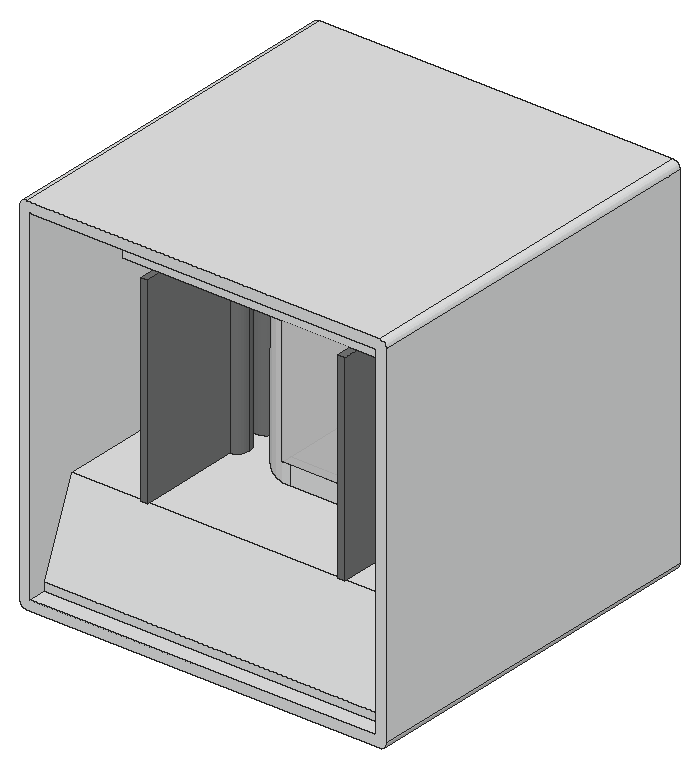
Revit family "0047911 Sylvania Lighting Fixture ST eco Surface Wall Adj Up & Dwn IP54 290lm 830 WH", category Lighting Fixtures, host Face, Revit 2016
Family settings
  Host = Face
  Part Type = Normal
  Round Connector Dimension = Use Diameter
  OmniClass Number = 23.80.70.11.17
  OmniClass Title = Specialized Lighting by Location or Use
  Cut with Voids When Loaded = No
  Light Source = Yes
  Shared = No
  Room Calculation Point = No
Parameters (values of type "0047911 ST eco Surface Wall Adj Up & Dwn IP54 290lm 830 WH")
  Width = 108.0 mm
  UpRightSegmentAngleReal [instance] = if(UpRightSegmentAngle > 35.00°, 35.00°, if(UpRightSegmentAngle < -55.00°, -55.00°, UpRightSegmentAngle))  # 0.00°
  UpRightSegmentAngle [instance] = 0.00°
  UpLeftSegmentAngleReal [instance] = if(UpLeftSegmentAngle > 35.00°, 35.00°, if(UpLeftSegmentAngle < -55.00°, -55.00°, UpLeftSegmentAngle))  # 0.00°
  UpLeftSegmentAngle [instance] = 0.00°
  Segment Material = Aluminum_Sylvania_Velite_Black
  Rotateable Segment Width = Width / 2 - 20.0 mm  # 34.0 mm
  Rotateable Segment Height = Height - 49.0 mm  # 59.0 mm
  Length = Width  # 108.0 mm
  Weight = 0.787 kg
  Wattage = 5 W
  built-in parameter 1150110 = 1 (stored number, unit not read)
  Voltage Comments = "UNV (Universal Voltage; 230-240 Volt)"  # constant formula
  Voltage = 240 V  # constant formula
  URL = "http://www.sylvania-lighting.com/product/en-int/products/0047911"
  built-in parameter 1114217 = 1 (stored number, unit not read)
  Tilt Angle = 0.00°
  built-in parameter 1150109 = 1 (stored number, unit not read)
  built-in parameter 1150134 = (empty or 0)
  Ta Rating = "-20°C to +45°C"  # constant formula
  built-in parameter 1150113 = 1 (stored number, unit not read)
  Product Page URL = "http://www.sylvania-lighting.com/product/en-int/products/0047911"
  Product Family = ""
  Photometry Comments = ""
  Photometric Web File = "0047911 ST eco Surface Wall Adj Up & Dwn IP54 290lm 830 WH.ies"
  built-in parameter 1150105 = 137.94 (stored number, unit not read)
  Lumens = 290 lm
  built-in parameter 1150115 = 1 (stored number, unit not read)
  built-in parameter 1150137 = (empty or 0)
  built-in parameter 1150139 = (empty or 0)
  Life = "25 000h"  # constant formula
  built-in parameter 1150112 = 1 (stored number, unit not read)
  built-in parameter 1150114 = 1 (stored number, unit not read)
  Lamp Comments = "Integrated LED"  # constant formula
  built-in parameter 1150132 = 2
  built-in parameter 1150102 = (empty or 0)
  built-in parameter 1150107 = 3000 (stored number, unit not read)
  built-in parameter 1150138 = (empty or 0)
  built-in parameter 1150106 = 1.3794 (stored number, unit not read)
  IP Rating = "IP54"  # constant formula
  IK Rating = "IK05"  # constant formula
  Energy Class = "A++ A+ A"  # constant formula
  Electrical Protection = "CLASS I"  # constant formula
  built-in parameter 1150104 = 5.3884 (stored number, unit not read)
  Drive Current = "300mA"
  DownRightSegmentAngleReal [instance] = if(DownRightSegmentAngle > 35.00°, 35.00°, if(DownRightSegmentAngle < -55.00°, -55.00°, DownRightSegmentAngle))  # 0.00°
  DownRightSegmentAngle [instance] = 0.00°
  DownLeftSegmentAngleReal [instance] = if(DownLeftSegmentAngle > 35.00°, 35.00°, if(DownLeftSegmentAngle < -55.00°, -55.00°, DownLeftSegmentAngle))  # 0.00°
  DownLeftSegmentAngle [instance] = 0.00°
  Dimming Lamp Color Temperature Shift = <None>
  Color Filter = 16777215
  Catalog Number = "0047911 ST eco Surface Wall Adj Up & Dwn IP54 290lm 830 WH"
  Body Material = Aluminum_Sylvania_Velite_White_RAL 9016
  built-in parameter 1114218 = 1 (stored number, unit not read)
  built-in parameter 1150133 = 10 (stored number, unit not read)
  Height = Width  # 108.0 mm
  built-in parameter 1114216 [instance] = 1 (stored number, unit not read)
  Model = "ST eco Surface Wall Adj Up & Dwn IP54 290lm 830 WH"
  Manufacturer = "Feilo Sylvania"  # constant formula
  Lamp = "LED"
  Diffuser Material = Polycarbonate_Sylvania_Velite_Clear
  Description = "A range of sleek and stylish Outdoor LED luminaires.Velite is perfect for lighting courtyards, gardens and exterior entrances.Design  meets IK05 requirements.Available in various shapes, sizes and colours of die cast aluminium luminaires.Range includes bollards and various wall mounted direct and direct/indirect luminaires.High efficient thermal design: ta -20 to +45oC.High performance: delivers up to 830 lm (luminaire lumen output), and up to 71lm/W (total system efficiency).Available in warm white (3,000K).Energy class: A++, A+, A.Lifetime: 30,000 hours life at 70% of the original output L70."  # constant formula
  Default Elevation = 0.0 mm
  built-in parameter 1140040 [instance] = 1
  Assembly Code = "D5020200"
  Apparent Load Comments = ""
  Apparent Load = 5 VA
Reference planes
  plane 1 "Center (Front/Back)": y = 0
  plane 2 "Fixture Back": z = 0
  plane 3 "Center (Left/Right)": x = 0
  plane 4 "Fixture Left": x = -54
  plane 5 "Fixture Right": x = 54
  plane 6 "Fixture Top": y = 54
  plane 7 "Fixture Bottom": y = -54
  plane 8 "Fixture Front": z = 108
  plane 9: x = -51
  plane 10: x = 51
  plane 11: z = 105
  plane 12: z = 3
  plane 13 "Center Segments": z = 59.5
  plane 14: z = 5.5
  plane 15: z = 30
  plane 16: y = 49
  plane 17: y = -49
  plane 18: y = 39
  plane 19: y = -39
  plane 20: x = 39
  plane 21: x = -39
  plane 22: y = 35
  plane 23: y = -35
  plane 24: z = 92
  plane 25: z = 89
  plane 26: y = 12.5
  plane 27: y = -12.5
  plane 28: x = 20
  plane 29: x = -20
  plane 30: z = 35.5
  plane 31: z = 85
  plane 32: x = -10
  plane 33: x = 10
  plane 34: y = -9.5
  plane 35: y = 9.5
  plane 36: y = 5.5
  plane 37: y = -5.5
  plane 38: x = -29
  plane 39: x = 29
Forms (mm)
  Extrusion 1, solid, material "Aluminum_Sylvania_Velite_White_RAL 9016" <- "Body Material", detail levels fine
    sketch origin (0, 0, 0) x (1, 0, 0) y (0, 0, 1)
      loop
        line (-51, 105) -> (-51, 3) -> (51, 3) -> (51, 105) -> (-51, 105)
      loop
        line (-54, 106) -> (-54, 2)
        arc (-54, 2) -> (-53.414, 0.586) -> (-52, 0) r 2
        line (-52, 0) -> (52, 0)
        arc (52, 0) -> (53.414, 0.586) -> (54, 2) r 2
        line (54, 2) -> (54, 106)
        arc (54, 106) -> (53.414, 107.414) -> (52, 108) r 2
        line (52, 108) -> (-52, 108)
        arc (-52, 108) -> (-53.414, 107.414) -> (-54, 106) r 2
    from -54 to 54
  Extrusion 2, solid, material "Aluminum_Sylvania_Velite_White_RAL 9016" <- "Body Material", detail levels fine
    sketch origin (0, 0, 0) x (0, 1, 0) y (0, 0, 1)
      loop
        line (49, 3) -> (49, 5.5) -> (39, 30) -> (-39, 30) -> (-49, 5.5) -> (-49, 3) -> (49, 3)
    from -51 to 51
  Extrusion 3, solid, material "Aluminum_Sylvania_Velite_White_RAL 9016" <- "Body Material", detail levels fine
    sketch origin (0, 0, 0) x (1, 0, 0) y (0, 1, 0)
      loop
        line (-39, 35) -> (-39, -35) -> (39, -35) -> (39, 35) -> (-39, 35)
    from 89 to 92
  Extrusion 4, solid, material "Aluminum_Sylvania_Velite_White_RAL 9016" <- "Body Material", detail levels fine
    sketch origin (0, 0, 0) x (1, 0, 0) y (0, 1, 0)
      loop
        line (-7.5, -12.5) -> (7.5, -12.5)
        arc (7.5, -12.5) -> (16.339, -8.839) -> (20, 0) r 12.5
        arc (20, 0) -> (16.339, 8.839) -> (7.5, 12.5) r 12.5
        line (7.5, 12.5) -> (-7.5, 12.5)
        arc (-7.5, 12.5) -> (-16.339, 8.839) -> (-20, 0) r 12.5
        arc (-20, 0) -> (-16.339, -8.839) -> (-7.5, -12.5) r 12.5
    from 30 to 89
  Extrusion 5, void
    sketch origin (0, 0, 0) x (1, 0, 0) y (0, 0, 1)
      loop
        line (10, 85) -> (-10, 85) -> (-10, 35.5) -> (10, 35.5) -> (10, 85)
    from -12.5 to 12.5
  Extrusion 6, solid, material "Polycarbonate_Sylvania_Velite_Clear" <- "Diffuser Material"
    sketch origin (0, 0, 0) x (1, 0, 0) y (0, 0, 1)
      loop
        line (-10, 85) -> (-10, 35.5) -> (10, 35.5) -> (10, 85) -> (-10, 85)
    from 9.5 to 12.5
  Extrusion 7, solid, material "Polycarbonate_Sylvania_Velite_Clear" <- "Diffuser Material"
    sketch origin (0, 0, 0) x (1, 0, 0) y (0, 0, 1)
      loop
        line (10, 85) -> (-10, 85) -> (-10, 35.5) -> (10, 35.5) -> (10, 85)
    from -9.5 to -12.5
  Extrusion 8, solid, material "Aluminum_Sylvania_Velite_White_RAL 9016" <- "Body Material", detail levels coarse+medium
    sketch origin (0, 0, 0) x (1, 0, 0) y (0, 0, 1)
      loop
        line (-54, 108) -> (-54, 0) -> (54, 0) -> (54, 108) -> (-54, 108)
      loop
        line (39, 92) -> (-39, 92) -> (-39, 30) -> (39, 30) -> (39, 92)
    from -54 to 54
  Extrusion 9, solid, material "Aluminum_Sylvania_Velite_White_RAL 9016" <- "Body Material", detail levels coarse+medium
    sketch origin (0, 0, 0) x (1, 0, 0) y (0, 0, 1)
      loop
        line (-20, 92) -> (-20, 30) -> (20, 30) -> (20, 92) -> (-20, 92)
      loop
        line (-10, 85) -> (-10, 35.5) -> (10, 35.5) -> (10, 85) -> (-10, 85)
    from -12.5 to 12.5
Cuts and joins
  Extrusion 5 cuts Extrusion 4
Lines and regions (mm)
  reference lines
    curve 1: line (-29, 5.5, 59.5) -> (-29, 45.5, 59.5)
    curve 2: line (29, 5.5, 59.5) -> (29, 45.5, 59.5)
    curve 3: line (-29, -5.5, 59.5) -> (-29, -47.052, 59.5)
    curve 4: line (29, -5.5, 59.5) -> (29, -43.423, 59.5)
Dimensions and locks
  equal spacing: plane 7 "Fixture Bottom", plane 1 "Center (Front/Back)", plane 6 "Fixture Top"
  "Width": plane 6 "Fixture Top" to plane 7 "Fixture Bottom"
  equal spacing: plane 4 "Fixture Left", plane 3 "Center (Left/Right)", plane 5 "Fixture Right"
  "Length": plane 4 "Fixture Left" to plane 5 "Fixture Right"
  "Height": plane 8 "Fixture Front" to plane 2 "Fixture Back"
  plane 30 to plane 15 to plane 14 to plane 12 to plane 2 "Fixture Back" = 5.5 mm locked, 24.5 mm locked, 2.5 mm locked, 3.0 mm locked
  plane 8 "Fixture Front" to plane 11 to plane 24 to plane 25 to plane 31 = 3.0 mm locked, 13.0 mm locked, 3.0 mm locked, 4.0 mm locked
  plane 6 "Fixture Top" to plane 16 to plane 18 to plane 22 = 5.0 mm locked, 10.0 mm locked, 4.0 mm locked
  plane 7 "Fixture Bottom" to plane 17 to plane 19 to plane 23 = 5.0 mm locked, 10.0 mm locked, 4.0 mm locked
  plane 4 "Fixture Left" to plane 9 to plane 21 = 3.0 mm locked, 12.0 mm locked
  plane 3 "Center (Left/Right)" to plane 33 to plane 28 to plane 39 = 10.0 mm locked, 10.0 mm locked, 9.0 mm locked
  equal spacing: plane 25, plane 13 "Center Segments", plane 15
  plane 27 to plane 34 to plane 37 to plane 1 "Center (Front/Back)" = 3.0 mm locked, 4.0 mm locked, 5.5 mm locked
  plane 26 to plane 35 to plane 36 to plane 1 "Center (Front/Back)" = 3.0 mm locked, 4.0 mm locked, 5.5 mm locked
  plane 38 to plane 29 to plane 32 to plane 3 "Center (Left/Right)" = 9.0 mm locked, 10.0 mm locked, 10.0 mm locked
  plane 20 to plane 10 to plane 5 "Fixture Right" = 12.0 mm locked, 3.0 mm locked
  "UpLeftSegmentAngleReal": angle plane 38 to curve 1
  "UpRightSegmentAngleReal": angle curve 2 to plane 39
  "DownLeftSegmentAngleReal": angle curve 3 to plane 38
  "DownRightSegmentAngleReal": angle plane 39 to curve 4
  aligned and locked: host face to plane 2 "Fixture Back"
  aligned and locked: level to host face
  aligned and locked: Extrusion 1 sketch curve to plane 9
  aligned and locked: Extrusion 1 sketch curve to plane 4 "Fixture Left"
  aligned and locked: Extrusion 1 sketch curve to plane 11
  aligned and locked: Extrusion 1 sketch curve to plane 8 "Fixture Front"
  aligned and locked: plane 10 to Extrusion 1 sketch curve
  aligned and locked: plane 5 "Fixture Right" to Extrusion 1 sketch curve
  aligned and locked: Extrusion 1 sketch curve to plane 12
  aligned and locked: Extrusion 1 sketch curve to plane 2 "Fixture Back"
  aligned and locked: plane 6 "Fixture Top" to Extrusion 1
  aligned and locked: plane 7 "Fixture Bottom" to Extrusion 1
  aligned and locked: plane 15 to Extrusion 2 sketch curve
  aligned and locked: plane 16 to Extrusion 2 sketch curve  (x2)
  aligned and locked: Extrusion 2 sketch curve to plane 17
  aligned and locked: plane 18 to Extrusion 2 sketch curve
  aligned and locked: plane 19 to Extrusion 2 sketch curve
  aligned and locked: plane 17 to Extrusion 2 sketch curve
  aligned and locked: Extrusion 2 to plane 10
  aligned and locked: Extrusion 2 to plane 9
  aligned and locked: Extrusion 2 sketch curve to plane 12
  aligned and locked: Extrusion 3 sketch curve to plane 22
  aligned and locked: plane 23 to Extrusion 3 sketch curve
  aligned and locked: Extrusion 3 sketch curve to plane 21
  aligned and locked: plane 20 to Extrusion 3 sketch curve
  aligned and locked: plane 24 to Extrusion 3
  aligned and locked: Extrusion 3 to plane 25
  aligned and locked: plane 27 to Extrusion 4 sketch curve
  aligned and locked: Extrusion 4 sketch curve to plane 26
  aligned and locked: plane 25 to Extrusion 4
  aligned and locked: Extrusion 4 to plane 15
  aligned and locked: plane 33 to Extrusion 5 sketch curve
  aligned and locked: Extrusion 5 sketch curve to plane 32
  aligned and locked: Extrusion 5 sketch curve to plane 31
  aligned and locked: Extrusion 5 sketch curve to plane 30
  aligned and locked: plane 26 to Extrusion 5
  aligned and locked: plane 27 to Extrusion 5
  aligned and locked: Extrusion 6 sketch curve to plane 32
  aligned and locked: plane 33 to Extrusion 6 sketch curve
  aligned and locked: Extrusion 6 sketch curve to plane 31
  aligned and locked: Extrusion 6 sketch curve to plane 30
  aligned and locked: plane 33 to Extrusion 7 sketch curve
  aligned and locked: Extrusion 7 sketch curve to plane 32
  aligned and locked: Extrusion 7 sketch curve to plane 31
  aligned and locked: Extrusion 7 sketch curve to plane 30
  aligned and locked: Extrusion 7 to plane 35
  aligned and locked: plane 26 to Extrusion 7
  aligned and locked: Extrusion 6 to plane 34
  aligned and locked: plane 27 to Extrusion 6
  aligned and locked: plane 36 to curve 1
  aligned and locked: plane 38 to curve 1
  aligned and locked: plane 36 to curve 2
  aligned and locked: plane 39 to curve 2
  aligned and locked: plane 37 to curve 4
  aligned and locked: plane 39 to curve 4
  aligned and locked: plane 37 to curve 3
  aligned and locked: plane 38 to curve 3
  aligned and locked: nested 1 to curve 1
  aligned and locked: nested 2 to curve 3
  aligned and locked: nested 3 to curve 2
  aligned and locked: nested 4 to curve 4
  aligned and locked: plane 13 "Center Segments" to nested 4
  aligned and locked: plane 13 "Center Segments" to nested 3
  aligned and locked: plane 13 "Center Segments" to nested 1
  aligned and locked: plane 13 "Center Segments" to nested 2
  aligned and locked: Extrusion 8 sketch curve to plane 8 "Fixture Front"
  aligned and locked: plane 5 "Fixture Right" to Extrusion 8 sketch curve
  aligned and locked: Extrusion 8 sketch curve to plane 4 "Fixture Left"
  aligned and locked: Extrusion 8 sketch curve to plane 2 "Fixture Back"
  aligned and locked: plane 20 to Extrusion 8 sketch curve
  aligned and locked: Extrusion 8 sketch curve to plane 21
  aligned and locked: Extrusion 8 sketch curve to plane 24
  aligned and locked: Extrusion 8 sketch curve to plane 15
  aligned and locked: plane 6 "Fixture Top" to Extrusion 8
  aligned and locked: plane 7 "Fixture Bottom" to Extrusion 8
  aligned and locked: Extrusion 9 sketch curve to plane 29
  aligned and locked: plane 28 to Extrusion 9 sketch curve
  aligned and locked: Extrusion 9 sketch curve to plane 15
  aligned and locked: Extrusion 9 sketch curve to plane 31
  aligned and locked: Extrusion 9 sketch curve to plane 30
  aligned and locked: plane 33 to Extrusion 9 sketch curve
  aligned and locked: Extrusion 9 sketch curve to plane 32
  aligned and locked: plane 26 to Extrusion 9
  aligned and locked: plane 27 to Extrusion 9
  aligned and locked: Extrusion 9 sketch curve to plane 24
  aligned and locked: imposter light to plane 1 "Center (Front/Back)"
  aligned and locked: imposter light to plane 3 "Center (Left/Right)"
  aligned and locked: imposter light to plane 13 "Center Segments"
Automatic sketch dimensions
  host sketch curve to host sketch curve = 447.379 mm
  host sketch curve to host sketch curve = 434.165 mm
  Extrusion 2 sketch curve to plane 14 = 0.0 mm  (x2)
  Extrusion 4 sketch curve to Extrusion 4 sketch curve = 0.0 mm  (x3)
  plane 3 "Center (Left/Right)" to Extrusion 4 sketch curve = 7.5 mm
  Extrusion 4 sketch curve to plane 3 "Center (Left/Right)" = 7.5 mm
  Extrusion 1 sketch curve to plane 9 = 1.0 mm  (x2)
  Extrusion 1 sketch curve to plane 12 = 1.0 mm
  Extrusion 1 sketch curve to plane 10 = 1.0 mm
Nested families
  nested 1: "Rotateable Segment" at (-41.949, 5.5, 30), type "Rotateable Segment", detail levels fine
  nested 2: "Rotateable Segment" at (-16.051, -5.5, 30) x (-1, 0, 0) z (0, 0, 1), type "Rotateable Segment", detail levels fine
  nested 3: "Rotateable Segment" at (16.051, 5.5, 30), type "Rotateable Segment", detail levels fine
  nested 4: "Rotateable Segment" at (41.949, -5.5, 30) x (-1, 0, 0) z (0, 0, 1), type "Rotateable Segment", detail levels fine
Connectors
  electrical at (0, 0, 0), driven by "Voltage", driven by "Apparent Load"
    settings: on Extrusion 8, index 1, voltage 240 V, apparent load 0 VA, apparent load phase1 5 VA, apparent load phase2 0 VA, apparent load phase3 0 VA, power factor 1, load classification "Lighting", number of poles 1, system type 31, power factor state 1, is connector primary yes, connector utility no, sub classification motor no, connector description ""
Definition of nested family "Rotateable Segment"
  Parameters
    Thickness = 2.0 mm  # constant formula
    Segment Material = none
    Height = 59.0 mm
    Width = 34.0 mm
    Default Elevation = 0.0 mm
  Reference planes
    plane 1 "Center (Front/Back)": y = 0
    plane 2: z = 0
    plane 3 "Center (Left/Right)": x = 12.949
    plane 4: y = 34
    plane 5: y = 3.8
    plane 6: x = 13.949
    plane 7: x = 11.949
    plane 8: y = 1.7
    plane 9: z = 59
    plane 10: z = 29.5
  Forms (mm)
    Extrusion 1, solid, material <- "Segment Material"
      sketch origin (0, 0, 0) x (1, 0, 0) y (0, 1, 0)
        loop
          circle (12.949, 0) r 3.8
        loop
          circle (12.949, 0) r 1.7
      from 0 to 59
    Extrusion 2, solid, material <- "Segment Material"
      sketch origin (0, 0, 0) x (1, 0, 0) y (0, 1, 0)
        loop
          line (13.949, 34) -> (11.949, 34) -> (11.949, 1.7) -> (13.949, 1.7) -> (13.949, 34)
      from 0 to 59
  Cuts and joins
    joined: Extrusion 1, Extrusion 2
  Dimensions and locks
    "Width": plane 1 "Center (Front/Back)" to plane 4
    equal spacing: plane 7, plane 3 "Center (Left/Right)", plane 6
    "Thickness": plane 7 to plane 6
    "Height": plane 9 to plane 2
    equal spacing: plane 9, plane 10, plane 2
    plane 5 to plane 8 to plane 1 "Center (Front/Back)" = 2.1 mm locked, 1.7 mm locked
    aligned and locked: level to plane 2
    aligned and locked: Extrusion 2 sketch curve to plane 6
    aligned and locked: plane 7 to Extrusion 2 sketch curve
    aligned and locked: Extrusion 2 sketch curve to plane 4
    aligned and locked: Extrusion 2 sketch curve to plane 8
    aligned and locked: plane 9 to cut or joined group of Extrusion 1, Extrusion 2  (x2)
  Automatic sketch dimensions
    Extrusion 1 sketch curve to Extrusion 1 sketch curve = 0.0 mm  (x2)
    plane 1 "Center (Front/Back)" to Extrusion 1 sketch curve = 0.0 mm
    Extrusion 1 sketch curve to plane 3 "Center (Left/Right)" = 0.0 mm
    radius of Extrusion 1 sketch curve = 3.8 mm
    radius of Extrusion 1 sketch curve = 1.7 mm
